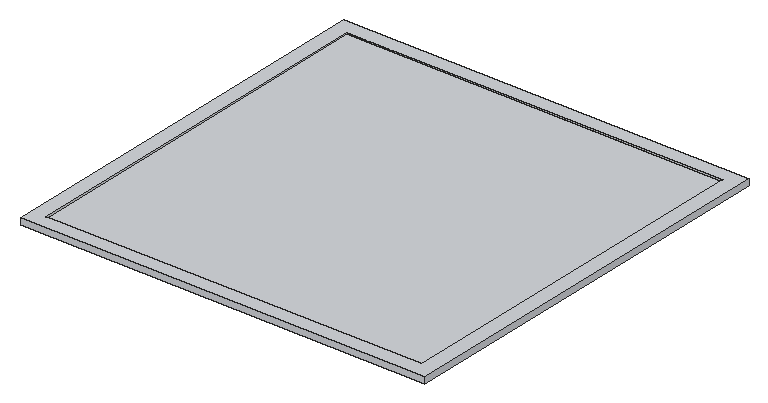
Revit family "595x595_START Panel Backlit UGR19", category Lighting Fixtures, host Face, Revit 2017
Family settings
  Host = Face
  Round Connector Dimension = Use Diameter
  Part Type = Normal
  OmniClass Number = 23.80.70.00
  OmniClass Title = Lighting
  Cut with Voids When Loaded = No
  Light Source = Yes
  Shared = No
  Room Calculation Point = No
Parameters (values of type "0042183")
  Weight = "119.34 kg"
  Wattage Comments = ""
  Wattage = 36 W
  WarrantyStartDate [instance] = "n/a"
  WarrantyGuarantorParts = "n/a"
  WarrantyDurationUnit = "n/a"
  WarrantyDurationParts = "n/a"
  WarrantyDescription = "n/a"
  WIDTH_SYL = 297.5 mm
  built-in parameter 1150110 = 1 (stored number, unit not read)
  Voltage = 0 V
  URL = "http://www.sylvania-lighting.com"
  TypeName = "0042183 ST PANEL UGR19 600X600 3400LM 830 LILO"
  Type Image = <None>
  Type Comments = "n/a"
  built-in parameter 1114217 = 1 (stored number, unit not read)
  Tilt Angle = -90.00°
  built-in parameter 1150109 = 1 (stored number, unit not read)
  built-in parameter 1150134 = (empty or 0)
  TOPWIDTH_SYL = 245 mm
  built-in parameter 1150113 = 1 (stored number, unit not read)
  SerialNumber [instance] = "n/a"
  Photometric Web File = "0042183.ies"
  Material_3_SYL = none
  PowerFactor = 0.9
  PowerConsumption = "36 W"
  NominalLength = 595 mm
  NominalHeight = 35 mm
  NominalDepth = 595 mm
  Name = "START Panel UGR19 600x600 3400Lm 830 LILO"
  ModelReference = Name  # "START Panel UGR19 600x600 3400Lm 830 LILO"
  ModelNumber = "0042183"
  Model = Name  # "START Panel UGR19 600x600 3400Lm 830 LILO"
  Material = "aluminium,steel housing, other diffuser"
  ManufacturerName = "Feilo Sylvania"
  Manufacturer = "Feilo Sylvania"
  MAINHEIGHT_SYL = 63 mm
  LuminousEfficacy = "94 lm/W"
  built-in parameter 1150105 = 269.29 (stored number, unit not read)
  Lumens = 3384 lm
  LuminaireType = ""
  built-in parameter 1150115 = 1 (stored number, unit not read)
  LightOutputRatio = ""
  built-in parameter 1150137 = (empty or 0)
  built-in parameter 1150139 = (empty or 0)
  LampsType = Lamp  # "LED"
  LampNominalLuminous = "3400 lm"
  LampMacAdamStep = "6"
  LampColourTemperature = "3000 K"
  LampColourRenderingIndex = "80"
  built-in parameter 1150112 = 1 (stored number, unit not read)
  built-in parameter 1150114 = 1 (stored number, unit not read)
  Lamp = "LED"
  LUMWIDTH_SYL = 276.5 mm
  LUMDEPTH_SYL = 276.5 mm
  Keynote = "16500"
  InstallationDate [instance] = "n/a"
  InputVoltage = ""
  InputNominalFrequency = ""
  built-in parameter 1150132 = (empty or 0)
  built-in parameter 1150102 = (empty or 0)
  built-in parameter 1150107 = 3000 (stored number, unit not read)
  built-in parameter 1150138 = (empty or 0)
  IngressProtection = "IP40/20"
  ImpactProtectionIndex = "IK03"
  built-in parameter 1150106 = 2.6929 (stored number, unit not read)
  IfcExportType = "IfcLightFixtureType"
  IfcExportAs = "IfcLightFixtureType"
  HEIGHT_SYL = 33 mm
  HEIGHTBOTT_SYL = 7 mm
  Emit from Circle Diameter = 609.6 mm
  Emit Shape Visible in Rendering = no
  ElectricShockClassification = "Class II"
  built-in parameter 1150104 = 8.7329 (stored number, unit not read)
  DocumentationLiterature = "http://www.sylvania-lighting.com/product/en-int/products/0042183"
  DimmingControlOptions = "n/a"
  Material_2_SYL = none
  Dimming Lamp Color Temperature Shift = <None>
  Description = ""
  Default Elevation = 1219.2 mm
  DEPTH_SYL = 297.5 mm
  CreatedOn = "7/3/2020"
  CreatedBy = "@sylvania-lighting.com"
  Cost = 0
  Color Filter = 16777215
  built-in parameter 1114216 [instance] = (empty or 0)
  ClassificationValue = "EF_70_80"
  ClassificationName = "Uniclass2015"
  Material_1_SYL = none
  BarCode [instance] = "n/a"
  built-in parameter 1114218 = 1 (stored number, unit not read)
  BOX_WIDTH_SYL = 40 mm
  built-in parameter 1150133 = 10 (stored number, unit not read)
  AssetType = "Fixed"
  AssetIdentifier [instance] = "n/a"
  Assembly Code = "D5020200"
  Apparent Load = 36 VA
  Material_4_SYL = none
  -LUMDEPTH_SYL = LUMDEPTH_SYL * (-1)  # -276.5 mm
Reference planes
  plane 1 "Center (Front/Back)": y = 0
  plane 2: z = 0
  plane 3 "Center (Left/Right)": x = 0
  plane 4: x = -297.5
  plane 5: x = 297.5
  plane 6: y = 297.5
  plane 7: y = -297.5
  plane 8: x = 276.5
  plane 9: x = -276.5
  plane 10: y = 276.5
  plane 11: y = -276.5
  plane 12: z = -33
  plane 13: z = -7
  plane 14: x = -245
  plane 15: x = 245
  plane 16: y = -245
  plane 17: y = 245
  plane 18: y = 276.5
  plane 19: y = -276.5
  plane 20: z = -63
  plane 21: x = -40
  plane 22: x = 40
Forms (mm)
  Extrusion 1, solid
    sketch origin (0, 0, 0) x (1, 0, 0) y (0, 1, 0)
      loop
        line (-297.5, 297.5) -> (-297.5, -297.5) -> (297.5, -297.5) -> (297.5, 297.5) -> (-297.5, 297.5)
    from -7 to 2
  Extrusion 2, void
    sketch origin (0, 0, 0) x (1, 0, 0) y (0, 1, 0)
      loop
        line (-276.5, 276.5) -> (-276.5, -276.5) -> (276.5, -276.5) -> (276.5, 276.5) -> (-276.5, 276.5)
    from 0 to 10
  Extrusion 3, solid
    sketch origin (0, 0, 0) x (1, 0, 0) y (0, 0, 1)
      loop
        line (-276.5, -7) -> (-245, -33) -> (245, -33) -> (276.5, -7) -> (-276.5, -7)
    from -276.5 <- "-LUMDEPTH_SYL" to 276.5 <- "LUMDEPTH_SYL"
  Extrusion 4, void
    sketch origin (319, 1524, 1219.2) x (0, 1, 0) y (0, 0, 1)
      loop
        line (-1279, -1252.2) -> (-1247.5, -1252.2) -> (-1247.5, -1226.2) -> (-1279, -1252.2)
      loop
        line (-1800.5, -1226.2) -> (-1800.5, -1252.2) -> (-1769, -1252.2) -> (-1800.5, -1226.2)
    from -1000 to 1000
  Extrusion 5, solid
    sketch origin (0, 0, 0) x (1, 0, 0) y (0, 0, 1)
      loop
        line (-40, -33) -> (-40, -63) -> (40, -63) -> (40, -33) -> (-40, -33)
    from -40 to 40
Cuts and joins
  Extrusion 2 cuts Extrusion 1
  Extrusion 4 cuts Extrusion 3
Dimensions and locks
  "WIDTH_SYL": plane 4 to plane 3 "Center (Left/Right)" to plane 5
  "DEPTH_SYL": plane 7 to plane 1 "Center (Front/Back)" to plane 6
  "LUMWIDTH_SYL": plane 9 to plane 3 "Center (Left/Right)" to plane 8
  "LUMDEPTH_SYL": plane 11 to plane 1 "Center (Front/Back)" to plane 10
  "HEIGHT_SYL": host face to plane 12
  "HEIGHTBOTT_SYL": host face to plane 13
  "TOPWIDTH_SYL": plane 14 to imposter light to plane 15
  "TOPWIDTH_SYL": plane 17 to imposter light to plane 16
  "LUMWIDTH_SYL": plane 18 to imposter light to plane 19
  "MAINHEIGHT_SYL": host face to plane 20
  "BOX_WIDTH_SYL": plane 21 to imposter light to plane 22
  Extrusion 5 sketch curve to Extrusion 5 sketch curve to plane 13 = 30 mm, 26 mm
  aligned and locked: plane 2 to host face
  aligned and locked: level to host face
  aligned and locked: plane 6 to Extrusion 1 sketch curve
  aligned and locked: plane 4 to Extrusion 1 sketch curve
  aligned and locked: Extrusion 1 sketch curve to plane 7
  aligned and locked: Extrusion 1 sketch curve to plane 5
  aligned and locked: plane 10 to Extrusion 2 sketch curve
  aligned and locked: Extrusion 2 sketch curve to plane 9
  aligned and locked: Extrusion 2 sketch curve to plane 11
  aligned and locked: plane 8 to Extrusion 2 sketch curve
  aligned and locked: Extrusion 5 sketch curve to plane 21
  aligned and locked: plane 22 to Extrusion 5 sketch curve
Automatic sketch dimensions
  host sketch curve to host sketch curve = 2438.4 mm  (x2)
  plane 9 to Extrusion 3 sketch curve = 0 mm
  Extrusion 3 sketch curve to plane 12 = 0 mm
  plane 14 to Extrusion 3 sketch curve = 0 mm
  plane 15 to Extrusion 3 sketch curve = 0 mm
  plane 8 to Extrusion 3 sketch curve = 0 mm
  Extrusion 3 sketch curve to plane 13 = 0 mm
  Extrusion 4 sketch curve to plane 11 = 0 mm
  plane 12 to Extrusion 4 sketch curve = 0 mm  (x2)
  Extrusion 4 sketch curve to plane 16 = 0 mm
  Extrusion 4 sketch curve to plane 17 = 0 mm
  Extrusion 4 sketch curve to plane 10 = 0 mm
  plane 13 to Extrusion 4 sketch curve = 0 mm  (x2)
